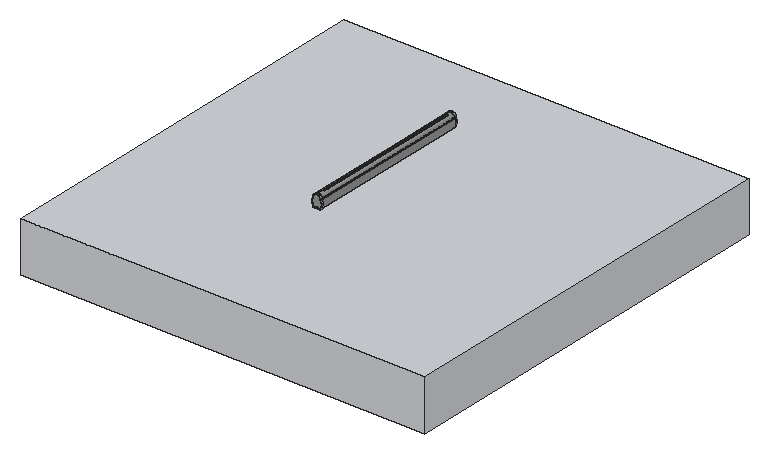
Revit family "L-trade II 45", category Осветительные приборы, Revit 2017 (continued)
Definition of nested family "L-trade II_body"
  Definition of nested family "Trade II торцевая крышка"
    Automatic sketch dimensions
      Extrusion 6 sketch curve to Extrusion 6 sketch curve = 8.271 mm  (x4)
      Extrusion 6 sketch curve to Extrusion 6 sketch curve = 1.531 mm  (x2)
      Extrusion 6 sketch curve to Extrusion 6 sketch curve = 5.501 mm  (x2)
      Extrusion 6 sketch curve to Extrusion 6 sketch curve = 4.46 mm  (x2)
      Extrusion 6 sketch curve to plane 3 "По центру (Влево/Вправо)" = 0.005 mm
      Extrusion 6 sketch curve to Extrusion 6 sketch curve = 4.841 mm
      Extrusion 6 sketch curve to plane 4 "Плоскость низа светильника" = 0.334 mm  (x2)
      Extrusion 6 sketch curve to Extrusion 6 sketch curve = 3.955 mm  (x2)
      Extrusion 6 sketch curve to Extrusion 6 sketch curve = 0.286 mm  (x2)
      Extrusion 6 sketch curve to plane 4 "Плоскость низа светильника" = 5.972 mm  (x2)
      Extrusion 6 sketch curve to plane 3 "По центру (Влево/Вправо)" = 5.642 mm
      Extrusion 6 sketch curve to Extrusion 6 sketch curve = 0.007 mm  (x2)
      Extrusion 6 sketch curve to plane 3 "По центру (Влево/Вправо)" = 16.883 mm
      Extrusion 6 sketch curve to Extrusion 6 sketch curve = 13.881 mm
      Extrusion 6 sketch curve to Extrusion 6 sketch curve = 1.459 mm  (x2)
      Extrusion 6 sketch curve to Extrusion 6 sketch curve = 0.611 mm  (x2)
      Extrusion 6 sketch curve to Extrusion 6 sketch curve = 6.48 mm  (x2)
      Extrusion 6 sketch curve to Extrusion 6 sketch curve = 9.13 mm  (x2)
      Extrusion 6 sketch curve to Extrusion 6 sketch curve = 2.408 mm  (x2)
      Extrusion 6 sketch curve to Extrusion 6 sketch curve = 2.412 mm  (x2)
      Extrusion 6 sketch curve to Extrusion 6 sketch curve = 2.678 mm  (x2)
      Extrusion 6 sketch curve to Extrusion 6 sketch curve = 2.683 mm  (x2)
      Extrusion 6 sketch curve to Extrusion 6 sketch curve = 0.731 mm  (x2)
      plane 3 "По центру (Влево/Вправо)" to Extrusion 6 sketch curve = 5.625 mm
      plane 3 "По центру (Влево/Вправо)" to Extrusion 6 sketch curve = 16.874 mm
      Extrusion 6 sketch curve to Extrusion 6 sketch curve = 13.895 mm
      plane 4 "Плоскость низа светильника" to Extrusion 6 sketch curve = 2.402 mm  (x2)
      Extrusion 6 sketch curve to Extrusion 6 sketch curve = 3.072 mm  (x2)
      Extrusion 6 sketch curve to Extrusion 6 sketch curve = 5.16 mm
      Extrusion 6 sketch curve to plane 4 "Плоскость низа светильника" = 2 mm  (x2)
      Extrusion 6 sketch curve to Extrusion 6 sketch curve = 1.353 mm  (x2)
      Extrusion 7 sketch curve to Extrusion 7 sketch curve = 0 mm  (x4)
      Extrusion 7 sketch curve to plane 4 "Плоскость низа светильника" = 0 mm
      plane 4 "Плоскость низа светильника" to Extrusion 7 sketch curve = 5.829 mm  (x2)
      Extrusion 7 sketch curve to Extrusion 7 sketch curve = 5.503 mm  (x2)
      Extrusion 7 sketch curve to Extrusion 7 sketch curve = 1.526 mm  (x2)
      Extrusion 7 sketch curve to Extrusion 7 sketch curve = 1.35 mm  (x4)
      Extrusion 7 sketch curve to Extrusion 7 sketch curve = 8.271 mm  (x4)
      Extrusion 7 sketch curve to Extrusion 7 sketch curve = 1.531 mm  (x2)
      Extrusion 7 sketch curve to Extrusion 7 sketch curve = 5.501 mm  (x2)
      Extrusion 7 sketch curve to Extrusion 7 sketch curve = 4.46 mm  (x2)
      Extrusion 7 sketch curve to plane 3 "По центру (Влево/Вправо)" = 0.005 mm
      Extrusion 7 sketch curve to Extrusion 7 sketch curve = 4.841 mm
      Extrusion 7 sketch curve to plane 4 "Плоскость низа светильника" = 0.334 mm  (x2)
      Extrusion 7 sketch curve to Extrusion 7 sketch curve = 3.955 mm  (x2)
      Extrusion 7 sketch curve to Extrusion 7 sketch curve = 0.286 mm  (x2)
      Extrusion 7 sketch curve to plane 4 "Плоскость низа светильника" = 5.972 mm  (x2)
      Extrusion 7 sketch curve to plane 3 "По центру (Влево/Вправо)" = 5.642 mm
      Extrusion 7 sketch curve to Extrusion 7 sketch curve = 0.007 mm  (x2)
      Extrusion 7 sketch curve to plane 3 "По центру (Влево/Вправо)" = 16.883 mm
      Extrusion 7 sketch curve to Extrusion 7 sketch curve = 13.881 mm
      Extrusion 7 sketch curve to Extrusion 7 sketch curve = 1.459 mm  (x2)
      Extrusion 7 sketch curve to Extrusion 7 sketch curve = 0.611 mm  (x2)
      Extrusion 7 sketch curve to Extrusion 7 sketch curve = 6.48 mm  (x2)
      Extrusion 7 sketch curve to Extrusion 7 sketch curve = 9.13 mm  (x2)
      Extrusion 7 sketch curve to Extrusion 7 sketch curve = 2.408 mm  (x2)
      Extrusion 7 sketch curve to Extrusion 7 sketch curve = 2.412 mm  (x2)
      Extrusion 7 sketch curve to Extrusion 7 sketch curve = 2.678 mm  (x2)
      Extrusion 7 sketch curve to Extrusion 7 sketch curve = 2.683 mm  (x2)
      Extrusion 7 sketch curve to Extrusion 7 sketch curve = 0.731 mm  (x2)
      plane 3 "По центру (Влево/Вправо)" to Extrusion 7 sketch curve = 5.625 mm
      plane 3 "По центру (Влево/Вправо)" to Extrusion 7 sketch curve = 16.874 mm
      Extrusion 7 sketch curve to Extrusion 7 sketch curve = 13.895 mm
      plane 4 "Плоскость низа светильника" to Extrusion 7 sketch curve = 2.402 mm  (x2)
      Extrusion 7 sketch curve to Extrusion 7 sketch curve = 3.072 mm  (x2)
      Extrusion 7 sketch curve to Extrusion 7 sketch curve = 5.16 mm
      Extrusion 7 sketch curve to plane 4 "Плоскость низа светильника" = 2 mm  (x2)
      Extrusion 7 sketch curve to Extrusion 7 sketch curve = 1.353 mm  (x2)
Types (6, lengths in mm): name | Цветовая температура | Световой поток светильника | Кривая сил света | Wattage | built-in parameter 1150134 | Файл фотометрической сетки | built-in parameter 1150142 | built-in parameter 1150105 | Lumens | built-in parameter 1150107 | built-in parameter 1150106 | Manufacturer | Артикул
  L-trade II 45 4.0K Д | 4000 K | 5148 lm | "Д" | 34.6569 W | 12 | "L-trade II 45-22-D-4.0-03.ies" | "IESNA:LM-63-1995\r\n[TEST]LEDEL\r\n[DATA]17.01.2017\r\n[MANUFAC]LEDEL\r\n[LUMCAT]L-trade II 45/44/Д/4.0/03\r\n[LUMINAIRE]Для освещения торговых залов, промышленных помещений, складов, магазинов, спортивных сооружений и т.д.  \r\n[LAMPCAT]LED\r\n[LAMP]OSRAM DURIS S5\r\nTILT=NONE\r\n\r\n1 5148 1.122546 37 10 1 2 1.031 0.050 0.123\r\n\r\n1 1 44\r\n\r\n 0 2.5 5 7.5 10 12.5 15 17.5 20 22.5 25 27.5 30 32.5 35 37.5 40 42.5 45 47.5\r\n 50 52.5 55 57.5 60 62.5 65 67.5 70 72.5 75 77.5 80 82.5 85 87.5 90\r\n\r\n  0 10 20 30 40 50 60 70 80 90\r\n\r\n  1448 1456 1465 1459 1434 1417 1396 1387 1383 1354 1329 1311 1281 1249 1214\r\n  1167 1135 1093 1050 1004 955 898 842 790 745 685 614 558 497 436\r\n  375 307 242 181 126 65 39\r\n  1449 1455 1464 1457 1433 1415 1396 1387 1385 1360 1334 1315 1285 1254 1221\r\n  1181 1144 1102 1059 1013 961 911 849 798 755 700 626 560 497 434\r\n  371 301 237 176 120 59 39\r\n  1446 1455 1463 1457 1437 1419 1402 1386 1386 1367 1337 1318 1288 1254 1226\r\n  1187 1141 1110 1065 1016 966 920 861 805 762 711 645 578 519 459\r\n  393 327 261 195 142 79 45\r\n  1446 1455 1462 1461 1443 1422 1409 1388 1379 1372 1344 1313 1292 1266 1230\r\n  1195 1156 1111 1073 1024 976 923 870 806 750 704 651 582 514 456\r\n  393 334 265 199 145 84 50\r\n  1446 1454 1462 1461 1447 1427 1411 1395 1371 1361 1347 1320 1287 1263 1235\r\n  1191 1154 1118 1068 1019 972 924 870 813 751 689 638 589 519 450\r\n  390 327 267 206 148 94 52\r\n  1445 1454 1461 1460 1449 1433 1414 1395 1375 1348 1333 1326 1298 1255 1221\r\n  1194 1158 1114 1070 1022 964 917 852 793 731 674 605 546 502 439\r\n  370 313 256 200 141 95 53\r\n  1446 1453 1461 1458 1452 1441 1428 1407 1380 1362 1338 1304 1278 1262 1243\r\n  1196 1146 1105 1065 1015 958 911 855 780 736 671 611 544 480 418\r\n  368 309 249 198 147 99 58\r\n  1447 1454 1458 1455 1449 1445 1432 1419 1396 1372 1343 1310 1281 1254 1215\r\n  1173 1137 1097 1055 1004 943 890 840 772 714 658 590 515 449 386\r\n  323 262 219 167 127 88 52\r\n  1455 1455 1454 1446 1437 1427 1415 1396 1377 1353 1321 1293 1259 1220 1176\r\n  1121 1063 1016 970 915 860 796 738 689 627 546 468 418 339 272\r\n  206 154 106 74 48 28 20\r\n  1453 1452 1452 1449 1443 1436 1425 1412 1396 1376 1352 1327 1293 1265 1234\r\n  1195 1141 1095 1049 999 950 899 826 780 705 632 578 501 435 364\r\n  295 228 169 115 72 40 22\r\n  1455 1452 1447 1432 1418 1398 1384 1368 1355 1329 1289 1253 1215 1176 1132\r\n  1090 1041 993 928 867 814 739 647 556 500 486 437 344 282 217\r\n  153 111 78 55 36 25 22\r\n  1447 1443 1438 1431 1425 1412 1396 1374 1351 1315 1276 1227 1185 1154 1116\r\n  1042 965 916 913 907 845 755 688 630 568 486 419 357 300 242\r\n  190 149 110 70 47 31 29\r\n  1446 1443 1446 1445 1431 1408 1385 1359 1327 1300 1252 1177 1120 1110 1115\r\n  1086 1020 955 910 863 805 738 673 620 554 494 430 368 312 260\r\n  211 161 106 73 47 35 32\r\n  1445 1445 1452 1447 1429 1404 1377 1356 1324 1263 1220 1224 1225 1170 1099\r\n  1054 1021 977 918 854 808 748 695 645 587 527 466 415 356 298\r\n  240 170 126 87 50 37 35\r\n  1446 1448 1455 1447 1428 1403 1377 1340 1278 1267 1296 1269 1209 1168 1128\r\n  1076 1019 958 916 864 809 763 711 653 592 538 481 425 366 301\r\n  228 173 131 83 47 37 35\r\n  1446 1454 1457 1445 1426 1403 1369 1311 1301 1328 1299 1241 1210 1178 1135\r\n  1078 1029 986 933 882 832 775 718 656 604 547 490 430 366 290\r\n  224 175 124 75 44 37 34\r\n  1446 1454 1457 1445 1424 1402 1357 1314 1337 1339 1284 1243 1216 1179 1127\r\n  1076 1035 984 936 896 845 788 726 676 617 559 497 433 362 285\r\n  225 176 120 72 41 37 34\r\n  1449 1459 1456 1440 1421 1391 1343 1326 1355 1329 1277 1253 1225 1186 1130\r\n  1092 1049 999 955 910 858 797 740 689 627 568 508 443 369 293\r\n  235 184 123 72 41 36 34\r\n  1448 1457 1457 1440 1418 1389 1343 1334 1359 1321 1278 1253 1219 1176 1123\r\n  1087 1041 994 951 905 852 790 736 679 621 561 498 432 356 283\r\n  225 172 113 67 40 35 34\r\n\r\n" | 409.66 (stored number, unit not read) | 5148 lm | 4000 (stored number, unit not read) | 4.0966 (stored number, unit not read) | "" | "322104400843300"
  L-trade II 45 5.0K Д | 5000 K | 5148 lm | "Д" | 34.6569 W | 2 | "L-trade II 45-22-D-5.0-03.ies" | "IESNA:LM-63-1995\r\n[TEST]LEDEL\r\n[DATA]17.01.2017\r\n[MANUFAC]LEDEL\r\n[LUMCAT]L-trade II 45/44/Д/5.0/03\r\n[LUMINAIRE]Для освещения торговых залов, промышленных помещений, складов, магазинов, спортивных сооружений и т.д.  \r\n[LAMPCAT]LED\r\n[LAMP]OSRAM DURIS S5\r\nTILT=NONE\r\n\r\n1 5148 1.122546 37 10 1 2 1.031 0.050 0.123\r\n\r\n1 1 44\r\n\r\n 0 2.5 5 7.5 10 12.5 15 17.5 20 22.5 25 27.5 30 32.5 35 37.5 40 42.5 45 47.5\r\n 50 52.5 55 57.5 60 62.5 65 67.5 70 72.5 75 77.5 80 82.5 85 87.5 90\r\n\r\n  0 10 20 30 40 50 60 70 80 90\r\n\r\n  1448 1456 1465 1459 1434 1417 1396 1387 1383 1354 1329 1311 1281 1249 1214\r\n  1167 1135 1093 1050 1004 955 898 842 790 745 685 614 558 497 436\r\n  375 307 242 181 126 65 39\r\n  1449 1455 1464 1457 1433 1415 1396 1387 1385 1360 1334 1315 1285 1254 1221\r\n  1181 1144 1102 1059 1013 961 911 849 798 755 700 626 560 497 434\r\n  371 301 237 176 120 59 39\r\n  1446 1455 1463 1457 1437 1419 1402 1386 1386 1367 1337 1318 1288 1254 1226\r\n  1187 1141 1110 1065 1016 966 920 861 805 762 711 645 578 519 459\r\n  393 327 261 195 142 79 45\r\n  1446 1455 1462 1461 1443 1422 1409 1388 1379 1372 1344 1313 1292 1266 1230\r\n  1195 1156 1111 1073 1024 976 923 870 806 750 704 651 582 514 456\r\n  393 334 265 199 145 84 50\r\n  1446 1454 1462 1461 1447 1427 1411 1395 1371 1361 1347 1320 1287 1263 1235\r\n  1191 1154 1118 1068 1019 972 924 870 813 751 689 638 589 519 450\r\n  390 327 267 206 148 94 52\r\n  1445 1454 1461 1460 1449 1433 1414 1395 1375 1348 1333 1326 1298 1255 1221\r\n  1194 1158 1114 1070 1022 964 917 852 793 731 674 605 546 502 439\r\n  370 313 256 200 141 95 53\r\n  1446 1453 1461 1458 1452 1441 1428 1407 1380 1362 1338 1304 1278 1262 1243\r\n  1196 1146 1105 1065 1015 958 911 855 780 736 671 611 544 480 418\r\n  368 309 249 198 147 99 58\r\n  1447 1454 1458 1455 1449 1445 1432 1419 1396 1372 1343 1310 1281 1254 1215\r\n  1173 1137 1097 1055 1004 943 890 840 772 714 658 590 515 449 386\r\n  323 262 219 167 127 88 52\r\n  1455 1455 1454 1446 1437 1427 1415 1396 1377 1353 1321 1293 1259 1220 1176\r\n  1121 1063 1016 970 915 860 796 738 689 627 546 468 418 339 272\r\n  206 154 106 74 48 28 20\r\n  1453 1452 1452 1449 1443 1436 1425 1412 1396 1376 1352 1327 1293 1265 1234\r\n  1195 1141 1095 1049 999 950 899 826 780 705 632 578 501 435 364\r\n  295 228 169 115 72 40 22\r\n  1455 1452 1447 1432 1418 1398 1384 1368 1355 1329 1289 1253 1215 1176 1132\r\n  1090 1041 993 928 867 814 739 647 556 500 486 437 344 282 217\r\n  153 111 78 55 36 25 22\r\n  1447 1443 1438 1431 1425 1412 1396 1374 1351 1315 1276 1227 1185 1154 1116\r\n  1042 965 916 913 907 845 755 688 630 568 486 419 357 300 242\r\n  190 149 110 70 47 31 29\r\n  1446 1443 1446 1445 1431 1408 1385 1359 1327 1300 1252 1177 1120 1110 1115\r\n  1086 1020 955 910 863 805 738 673 620 554 494 430 368 312 260\r\n  211 161 106 73 47 35 32\r\n  1445 1445 1452 1447 1429 1404 1377 1356 1324 1263 1220 1224 1225 1170 1099\r\n  1054 1021 977 918 854 808 748 695 645 587 527 466 415 356 298\r\n  240 170 126 87 50 37 35\r\n  1446 1448 1455 1447 1428 1403 1377 1340 1278 1267 1296 1269 1209 1168 1128\r\n  1076 1019 958 916 864 809 763 711 653 592 538 481 425 366 301\r\n  228 173 131 83 47 37 35\r\n  1446 1454 1457 1445 1426 1403 1369 1311 1301 1328 1299 1241 1210 1178 1135\r\n  1078 1029 986 933 882 832 775 718 656 604 547 490 430 366 290\r\n  224 175 124 75 44 37 34\r\n  1446 1454 1457 1445 1424 1402 1357 1314 1337 1339 1284 1243 1216 1179 1127\r\n  1076 1035 984 936 896 845 788 726 676 617 559 497 433 362 285\r\n  225 176 120 72 41 37 34\r\n  1449 1459 1456 1440 1421 1391 1343 1326 1355 1329 1277 1253 1225 1186 1130\r\n  1092 1049 999 955 910 858 797 740 689 627 568 508 443 369 293\r\n  235 184 123 72 41 36 34\r\n  1448 1457 1457 1440 1418 1389 1343 1334 1359 1321 1278 1253 1219 1176 1123\r\n  1087 1041 994 951 905 852 790 736 679 621 561 498 432 356 283\r\n  225 172 113 67 40 35 34\r\n\r\n" | 409.66 (stored number, unit not read) | 5148 lm | 5000 (stored number, unit not read) | 4.0966 (stored number, unit not read) | "" | "210025"
  L-trade II 45 4.0K К15 | 4000 K | 5017 lm | "К15" | 33.775 W | 12 | "L-trade II 45-22-K15-4.0-01.ies" | "IESNA:LM-63-1995\r\n[TEST]LEDEL\r\n[DATA]17.01.2017\r\n[MANUFAC]LEDEL\r\n[LUMCAT]L-trade II 45/44/К15/4.0/01\r\n[LUMINAIRE]Для освещения торговых залов, промышленных помещений, складов, магазинов, спортивных сооружений и т.д.  \r\n[LAMPCAT]LED\r\n[LAMP]OSRAM SQUARE\r\nTILT=NONE\r\n\r\n1 5017 0.775784 37 19 1 2 1.031 0.050 0.123\r\n\r\n1 1 44\r\n\r\n 0 2.5 5 7.5 10 12.5 15 17.5 20 22.5 25 27.5 30 32.5 35 37.5 40 42.5 45 47.5\r\n 50 52.5 55 57.5 60 62.5 65 67.5 70 72.5 75 77.5 80 82.5 85 87.5 90\r\n\r\n  0 5 10 15 20 25 30 35 40 45 50 55 60 65 70 75\r\n  80 85 90 \r\n\r\n  31577 30708 27040 21987 16469 11472 7577 4708 2995 2122 1611 1250 953 863 658\r\n  625 522 444 363 308 295 182 227 241 159 137 91 126 114 81\r\n  69 46 46 116 69 11 69\r\n  31509 30761 27290 22294 16742 11699 7759 4893 3108 2133 1611 1271 999 863 681\r\n  601 568 454 363 283 318 287 273 203 182 137 69 102 91 56\r\n  91 46 91 32 69 70 91\r\n  31509 30761 27290 22294 16742 11699 7759 4893 3108 2133 1611 1271 999 863 681\r\n  601 568 454 363 283 318 287 273 203 182 137 69 102 91 56\r\n  91 46 91 32 69 70 91\r\n  31509 30761 27290 22294 16742 11699 7759 4893 3108 2133 1611 1271 999 863 681\r\n  601 568 454 363 283 318 287 273 203 182 137 69 102 91 56\r\n  91 46 91 32 69 70 91\r\n  31509 30761 27290 22294 16742 11699 7759 4893 3108 2133 1611 1271 999 863 681\r\n  601 568 454 363 283 318 287 273 203 182 137 69 102 91 56\r\n  91 46 91 32 69 70 91\r\n  31509 30761 27290 22294 16742 11699 7759 4893 3108 2133 1611 1271 999 863 681\r\n  601 568 454 363 283 318 287 273 203 182 137 69 102 91 56\r\n  91 46 91 32 69 70 91\r\n  31509 30761 27290 22294 16742 11699 7759 4893 3108 2133 1611 1271 999 863 681\r\n  601 568 454 363 283 318 287 273 203 182 137 69 102 91 56\r\n  91 46 91 32 69 70 91\r\n  31509 30761 27290 22294 16742 11699 7759 4893 3108 2133 1611 1271 999 863 681\r\n  601 568 454 363 283 318 287 273 203 182 137 69 102 91 56\r\n  91 46 91 32 69 70 91\r\n  31509 30761 27290 22294 16742 11699 7759 4893 3108 2133 1611 1271 999 863 681\r\n  601 568 454 363 283 318 287 273 203 182 137 69 102 91 56\r\n  91 46 91 32 69 70 91\r\n  31509 30761 27290 22294 16742 11699 7759 4893 3108 2133 1611 1271 999 863 681\r\n  601 568 454 363 283 318 287 273 203 182 137 69 102 91 56\r\n  91 46 91 32 69 70 91\r\n  31509 30761 27290 22294 16742 11699 7759 4893 3108 2133 1611 1271 999 863 681\r\n  601 568 454 363 283 318 287 273 203 182 137 69 102 91 56\r\n  91 46 91 32 69 70 91\r\n  31509 30761 27290 22294 16742 11699 7759 4893 3108 2133 1611 1271 999 863 681\r\n  601 568 454 363 283 318 287 273 203 182 137 69 102 91 56\r\n  91 46 91 32 69 70 91\r\n  31509 30761 27290 22294 16742 11699 7759 4893 3108 2133 1611 1271 999 863 681\r\n  601 568 454 363 283 318 287 273 203 182 137 69 102 91 56\r\n  91 46 91 32 69 70 91\r\n  31509 30761 27290 22294 16742 11699 7759 4893 3108 2133 1611 1271 999 863 681\r\n  601 568 454 363 283 318 287 273 203 182 137 69 102 91 56\r\n  91 46 91 32 69 70 91\r\n  31509 30761 27290 22294 16742 11699 7759 4893 3108 2133 1611 1271 999 863 681\r\n  601 568 454 363 283 318 287 273 203 182 137 69 102 91 56\r\n  91 46 91 32 69 70 91\r\n  31509 30761 27290 22294 16742 11699 7759 4893 3108 2133 1611 1271 999 863 681\r\n  601 568 454 363 283 318 287 273 203 182 137 69 102 91 56\r\n  91 46 91 32 69 70 91\r\n  31509 30761 27290 22294 16742 11699 7759 4893 3108 2133 1611 1271 999 863 681\r\n  601 568 454 363 283 318 287 273 203 182 137 69 102 91 56\r\n  91 46 91 32 69 70 91\r\n  31509 30761 27290 22294 16742 11699 7759 4893 3108 2133 1611 1271 999 863 681\r\n  601 568 454 363 283 318 287 273 203 182 137 69 102 91 56\r\n  91 46 91 32 69 70 91\r\n  31509 30761 27290 22294 16742 11699 7759 4893 3108 2133 1611 1271 999 863 681\r\n  601 568 454 363 283 318 287 273 203 182 137 69 102 91 56\r\n  91 46 91 32 69 70 91\r\n  31509 29215 24772 19310 13883 9353 5921 3672 2382 1770 1384 1100 863 681 636\r\n  545 454 409 341 273 273 182 182 137 159 137 114 126 114 91\r\n  69 91 46 46 46 46 23\r\n  31509 29215 24772 19310 13883 9353 5921 3672 2382 1770 1384 1100 863 681 636\r\n  545 454 409 341 273 273 182 182 137 159 137 114 126 114 91\r\n  69 91 46 46 46 46 23\r\n  31509 29215 24772 19310 13883 9353 5921 3672 2382 1770 1384 1100 863 681 636\r\n  545 454 409 341 273 273 182 182 137 159 137 114 126 114 91\r\n  69 91 46 46 46 46 23\r\n  31509 29215 24772 19310 13883 9353 5921 3672 2382 1770 1384 1100 863 681 636\r\n  545 454 409 341 273 273 182 182 137 159 137 114 126 114 91\r\n  69 91 46 46 46 46 23\r\n  31509 29215 24772 19310 13883 9353 5921 3672 2382 1770 1384 1100 863 681 636\r\n  545 454 409 341 273 273 182 182 137 159 137 114 126 114 91\r\n  69 91 46 46 46 46 23\r\n  31509 29215 24772 19310 13883 9353 5921 3672 2382 1770 1384 1100 863 681 636\r\n  545 454 409 341 273 273 182 182 137 159 137 114 126 114 91\r\n  69 91 46 46 46 46 23\r\n  31509 29215 24772 19310 13883 9353 5921 3672 2382 1770 1384 1100 863 681 636\r\n  545 454 409 341 273 273 182 182 137 159 137 114 126 114 91\r\n  69 91 46 46 46 46 23\r\n  31509 29215 24772 19310 13883 9353 5921 3672 2382 1770 1384 1100 863 681 636\r\n  545 454 409 341 273 273 182 182 137 159 137 114 126 114 91\r\n  69 91 46 46 46 46 23\r\n  31509 29215 24772 19310 13883 9353 5921 3672 2382 1770 1384 1100 863 681 636\r\n  545 454 409 341 273 273 182 182 137 159 137 114 126 114 91\r\n  69 91 46 46 46 46 23\r\n  31509 29215 24772 19310 13883 9353 5921 3672 2382 1770 1384 1100 863 681 636\r\n  545 454 409 341 273 273 182 182 137 159 137 114 126 114 91\r\n  69 91 46 46 46 46 23\r\n  31509 29215 24772 19310 13883 9353 5921 3672 2382 1770 1384 1100 863 681 636\r\n  545 454 409 341 273 273 182 182 137 159 137 114 126 114 91\r\n  69 91 46 46 46 46 23\r\n  31509 29215 24772 19310 13883 9353 5921 3672 2382 1770 1384 1100 863 681 636\r\n  545 454 409 341 273 273 182 182 137 159 137 114 126 114 91\r\n  69 91 46 46 46 46 23\r\n  31509 29215 24772 19310 13883 9353 5921 3672 2382 1770 1384 1100 863 681 636\r\n  545 454 409 341 273 273 182 182 137 159 137 114 126 114 91\r\n  69 91 46 46 46 46 23\r\n  31509 29215 24772 19310 13883 9353 5921 3672 2382 1770 1384 1100 863 681 636\r\n  545 454 409 341 273 273 182 182 137 159 137 114 126 114 91\r\n  69 91 46 46 46 46 23\r\n  31509 29215 24772 19310 13883 9353 5921 3672 2382 1770 1384 1100 863 681 636\r\n  545 454 409 341 273 273 182 182 137 159 137 114 126 114 91\r\n  69 91 46 46 46 46 23\r\n  31509 29215 24772 19310 13883 9353 5921 3672 2382 1770 1384 1100 863 681 636\r\n  545 454 409 341 273 273 182 182 137 159 137 114 126 114 91\r\n  69 91 46 46 46 46 23\r\n  31509 29215 24772 19310 13883 9353 5921 3672 2382 1770 1384 1100 863 681 636\r\n  545 454 409 341 273 273 182 182 137 159 137 114 126 114 91\r\n  69 91 46 46 46 46 23\r\n  31577 29407 25044 19617 14156 9570 6057 3832 2450 1780 1384 1124 863 681 636\r\n  545 454 409 341 283 295 203 227 137 137 137 114 91 91 91\r\n  69 91 23 35 46 46 46\r\n\r" | 399.24 (stored number, unit not read) | 5017 lm | 4000 (stored number, unit not read) | 3.9924 (stored number, unit not read) | "" | "322104402741300"
